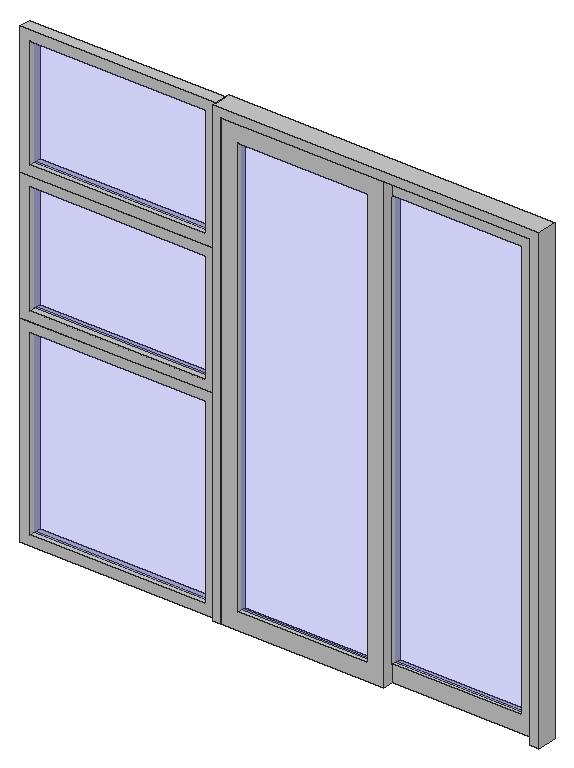
Revit family "Kal_A3-Aluminium-Sliding-Single-sidelight", category Doors, host Wall, Revit 2016
Family settings
  Host = Wall
  Always vertical = Yes
  Cut with Voids When Loaded = No
  Shared = No
  Room Calculation Point = No
Parameters (values of type "900SL 1500DOOR RH")
  dw = 1500 mm
  ww = 900 mm
  URL = ""
  Thickness = 0 mm
  Rough Width = 0 mm
  Rough Height = 0 mm
  Model Type = "Single Sliding"
  Model = ""
  Material Glass = Glass
  Material Door Frame = Default ALUMINIUM FRAME
  Manufacturer Code = ""
  Manufacturer = ""
  Height = 2125 mm
  Wall Closure = By host
  Width = dw + ww  # 2400 mm
  Function = Interior
  Frame Finish = "ALUMINIUM"
  Construction Type = "ALUMINIUM"
Types (9, lengths in mm): name | dw | ww | Width
  (no name) | 1500 | 900 | 2400
  600SL - 1500DOOR RH | 1500 | 600 | 2100
  600SL -1800DOOR RH | 1800 | 600 | 2400
  600SL - 2100DOOR RH | 2100 | 600 | 2700
  600SL - 2400DOOR RH | 2400 | 600 | 3000
  900SL 1500DOOR RH | 1500 | 900 | 2400
  900SL 1800DOOR RH | 1800 | 900 | 2700
  900SL 2100DOOR RH | 2100 | 900 | 3000
  900SL 2400DOOR RH | 2400 | 900 | 3300
Reference planes
  plane 1 "Center Line": y = 0
  plane 2 "Center (Left/Right)": x = 380
  plane 3 "Left": x = -370
  plane 4 "Right": x = 1130
  plane 5: z = 2125
  plane 6 "Exterior": y = 110
  plane 7 "Interior": y = -110
  plane 8: z = 75
  plane 9 "Exterior Panel": y = 46
  plane 10 "Interior Panel": y = -46
  plane 11: x = 342.5
  plane 12: x = 417.5
  plane 13 "left": x = -1270
  plane 14: x = -820
Forms (mm)
  Sweep 1, solid, material "Default ALUMINIUM FRAME"
    path origin (0, 0, 0) x (1, 0, 0) y (0, 0, 1)
      loop
        line (1130, 2125) -> (-370, 2125)
    profile "Frame Sliding door profile upvc : Frame Sliding door profile upvc" origin (380, 0, 2125) x (0, 0, -1) y (0, -1, 0)
      loop
        line (0, -46) -> (40, -46) -> (40, 46) -> (0, 46) -> (0, -46)
  Sweep 2, solid, material "Default ALUMINIUM FRAME"
    path origin (0, 0, 0) x (1, 0, 0) y (0, 0, 1)
      loop
        line (1130, 0) -> (1130, 2125)
    profile "Frame Sliding door profile upvc : Frame Sliding door profile upvc" origin (1130, 0, 1062.5) x (-1, 0, 0) y (0, -1, 0)
      loop
        line (0, -46) -> (40, -46) -> (40, 46) -> (0, 46) -> (0, -46)
  Sweep 3, solid, material "Default ALUMINIUM FRAME"
    path origin (0, 0, 0) x (1, 0, 0) y (0, 0, 1)
      loop
        line (-370, 0) -> (-370, 2125)
    profile "Frame Sliding door profile upvc : Frame Sliding door profile upvc" origin (-370, 0, 1062.5) x (-1, 0, 0) y (0, -1, 0)
      loop
        line (0, -46) -> (0, 46) -> (-40, 46) -> (-40, -46) -> (0, -46)
  Extrusion 4, solid, material "Default ALUMINIUM FRAME"
    sketch origin (0, 46, 0) x (1, 0, 0) y (0, 0, 1)
      loop
        line (1090, 0) -> (1090, 2085) -> (342.5, 2085) -> (342.5, 0) -> (1090, 0)
      loop
        line (1015, 75) -> (1015, 2010) -> (417.5, 2010) -> (417.5, 75) -> (1015, 75)
    from 0 to 44
  Extrusion 5, solid, material "Default ALUMINIUM FRAME"
    sketch origin (0, -46, 0) x (1, 0, 0) y (0, 0, 1)
      loop
        line (417.5, 0) -> (417.5, 2085) -> (-330, 2085) -> (-330, 0) -> (417.5, 0)
      loop
        line (342.5, 75) -> (342.5, 2010) -> (-255, 2010) -> (-255, 75) -> (342.5, 75)
    from 0 to -44
  Extrusion 6, solid, material "Glass" <- "Material Glass"
    sketch origin (0, 46, 0) x (1, 0, 0) y (0, 0, 1)
      loop
        line (1015, 75) -> (1015, 2010) -> (417.5, 2010) -> (417.5, 75) -> (1015, 75)
    from 18 to 28
  Extrusion 7, solid, material "Glass" <- "Material Glass"
    sketch origin (0, -46, 0) x (1, 0, 0) y (0, 0, 1)
      loop
        line (342.5, 75) -> (342.5, 2010) -> (-255, 2010) -> (-255, 75) -> (342.5, 75)
    from -18 to -28
  Sweep 8, solid, material "Default ALUMINIUM FRAME"
    path origin (-1433.5, 0, 0) x (1, 0, 0) y (0, 0, 1)
      loop
        line (1063.5, 1525) -> (1063.5, 2125) -> (163.5, 2125) -> (163.5, 1525) -> (1063.5, 1525)
    profile origin (-820, 0, 0) x (0, 0, -1) y (0, -1, 0)
      loop
        line (-1525, 28) -> (-1569, 28) -> (-1569, -28) -> (-1525, -28) -> (-1525, 28)
  Extrusion 9, solid, material "Glass"
    sketch origin (-1433.5, 0, 0) x (1, 0, 0) y (0, 0, 1)
      loop
        line (1019.5, 1569) -> (1019.5, 2081) -> (207.5, 2081) -> (207.5, 1569) -> (1019.5, 1569)
    from 5 to -5
  Sweep 10, solid, material "Default ALUMINIUM FRAME"
    path origin (-1433.5, 0, 0) x (1, 0, 0) y (0, 0, 1)
      loop
        line (1063.5, 925) -> (1063.5, 1525) -> (163.5, 1525) -> (163.5, 925) -> (1063.5, 925)
    profile origin (-820, 0, 0) x (0, 0, -1) y (0, -1, 0)
      loop
        line (-925, -28) -> (-925, 28) -> (-969, 28) -> (-969, -28) -> (-925, -28)
  Extrusion 11, solid, material "Glass"
    sketch origin (-1433.5, 0, 0) x (1, 0, 0) y (0, 0, 1)
      loop
        line (1019.5, 969) -> (1019.5, 1481) -> (207.5, 1481) -> (207.5, 969) -> (1019.5, 969)
    from 5 to -5
  Sweep 12, solid, material "Default ALUMINIUM FRAME"
    path origin (-1433.5, 0, 0) x (1, 0, 0) y (0, 0, 1)
      loop
        line (1063.5, 0) -> (1063.5, 925) -> (163.5, 925) -> (163.5, 0) -> (1063.5, 0)
    profile origin (-820, 0, 0) x (0, 0, -1) y (0, -1, 0)
      loop
        line (0, -28) -> (0, 28) -> (-44, 28) -> (-44, -28) -> (0, -28)
  Extrusion 13, solid, material "Glass"
    sketch origin (-1433.5, 0, 0) x (1, 0, 0) y (0, 0, 1)
      loop
        line (1019.5, 44) -> (1019.5, 881) -> (207.5, 881) -> (207.5, 44) -> (1019.5, 44)
    from 5 to -5
Cuts and joins
  joined: Sweep 1, Sweep 2, Sweep 3
Lines and regions (mm)
  Opening 1
    outline origin (-5000, -110, 0) x (1, 0, 0) y (0, 0, 1)
      loop
        line (6130, 0) -> (6130, 2125) -> (3730, 2125) -> (3730, 0) -> (6130, 0)
  model lines, style "Elevation Swing"
    curve 1: line (-414, -46, 1481) -> (-820, -46, 969)
    curve 2: line (-820, -46, 969) -> (-1226, -46, 1481)
    curve 3: line (-414, -46, 2081) -> (-820, -46, 1569)
    curve 4: line (-820, -46, 1569) -> (-1226, -46, 2081)
Text (mm)
  text "Exterior" at (-2295.016, 1099.543, 0), in view "Ref. Level"
  text "Exterior" at (0, 1615.38, 3698.081), in view "Left"
  text "Exterior" at (0, 1036.032, 3874.932), in view "Right"
Dimensions and locks
  equal spacing: plane 3 "Left", plane 2 "Center (Left/Right)", plane 4 "Right"
  "Width": plane 13 "left" to plane 4 "Right"
  "Height": plane 5 to host wall
  host wall to plane 5 = 2125 mm
  locked: host wall to plane 6 "Exterior" at 0
  locked: plane 7 "Interior" to host wall
  locked: plane 1 "Center Line" to plane 9 "Exterior Panel" at 46
  locked: plane 10 "Interior Panel" to plane 1 "Center Line" at 46
  locked: plane 11 to plane 2 "Center (Left/Right)" at 37.5
  locked: plane 2 "Center (Left/Right)" to plane 12 at 37.5
  level to plane 8 = 75 mm
  "ww": plane 13 "left" to plane 3 "Left"
  Sweep 8 to plane 3 "Left" = 900 mm
  equal spacing: plane 3 "Left", plane 14, plane 13 "left"
  plane 5 to Sweep 10 to Sweep 12 = 600 mm locked, 600 mm locked
  aligned and locked: plane 1 "Center Line" to host wall
  aligned and locked: plane 8 to Extrusion 4 sketch curve
  aligned and locked: plane 12 to Extrusion 4 sketch curve
  aligned and locked: plane 8 to Extrusion 5 sketch curve
  aligned and locked: Extrusion 7 sketch curve to Extrusion 5  (x3)
  aligned and locked: Extrusion 6 sketch curve to Extrusion 4  (x3)
  aligned and locked: Extrusion 4 sketch curve to cut or joined group of Sweep 1, Sweep 2, Sweep 3
  aligned and locked: cut or joined group of Sweep 1, Sweep 2, Sweep 3 to Extrusion 5 sketch curve
  aligned and locked: Extrusion 9 sketch curve to Sweep 8  (x2)
  aligned and locked: Extrusion 11 sketch curve to Sweep 10  (x3)
  aligned and locked: plane 13 "left" to Sweep 12 sketch curve
  aligned and locked: Sweep 12 to Extrusion 13 sketch curve
  aligned and locked: plane 13 "left" to Sweep 8 sketch curve
  aligned and locked: plane 13 "left" to Sweep 10 sketch curve
  aligned and locked: level to Sweep 12 sketch curve
  aligned and locked: Extrusion 13 sketch curve to Sweep 12  (x2)
  aligned and locked: Opening 1 sketch curve to Sweep 8
  aligned and locked: curve 1 to Sweep 10  (x2)
  aligned and locked: curve 3 to Sweep 8  (x2)
  aligned and locked: Sweep 8 to curve 4
  aligned and locked: Sweep 10 to curve 2
  aligned and locked: Sweep 10 sketch curve to Sweep 8
  aligned and locked: Sweep 12 sketch curve to Sweep 10
Automatic sketch dimensions
  Sweep 2 sketch curve to plane 4 "Right" = 0 mm
  Sweep 2 sketch curve to level = 0 mm
  Sweep 2 sketch curve to plane 5 = 0 mm
  Sweep 3 sketch curve to plane 3 "Left" = 0 mm
  Sweep 3 sketch curve to level = 0 mm
  Sweep 3 sketch curve to plane 5 = 0 mm
  Extrusion 4 sketch curve to level = 0 mm
  Extrusion 4 sketch curve to plane 11 = 0 mm
  Extrusion 5 sketch curve to level = 0 mm
  Extrusion 5 sketch curve to plane 11 = 0 mm
  Extrusion 5 sketch curve to plane 12 = 0 mm
  Extrusion 6 sketch curve to plane 12 = 0 mm
  Extrusion 7 sketch curve to plane 11 = 0 mm
  plane 5 to Extrusion 4 sketch curve = 115 mm
  plane 5 to Extrusion 5 sketch curve = 115 mm
  plane 4 "Right" to Extrusion 4 sketch curve = 115 mm
  plane 4 "Right" to Extrusion 4 sketch curve = 40 mm
  Extrusion 5 sketch curve to plane 3 "Left" = 115 mm
  Extrusion 5 sketch curve to plane 3 "Left" = 40 mm
  Sweep 1 sketch curve to plane 3 "Left" = 0 mm
  Sweep 1 sketch curve to plane 4 "Right" = 0 mm
  Sweep 1 sketch curve to plane 5 = 0 mm
  Sweep 8 sketch curve to plane 5 = 0 mm
  Sweep 8 sketch curve to plane 3 "Left" = 0 mm
  Sweep 8 sketch curve to profile plane = 0 mm
  profile plane to Sweep 8 sketch curve = 44 mm
  Sweep 8 sketch curve to profile plane = 28 mm
  profile plane to Sweep 8 sketch curve = 28 mm
  plane 5 to Extrusion 9 sketch curve = 44 mm
  plane 3 "Left" to Extrusion 9 sketch curve = 44 mm
  Sweep 10 sketch curve to plane 3 "Left" = 0 mm
  Sweep 10 sketch curve to profile plane = 0 mm
  profile plane to Sweep 10 sketch curve = 44 mm
  Sweep 10 sketch curve to profile plane = 28 mm
  profile plane to Sweep 10 sketch curve = 28 mm
  plane 3 "Left" to Extrusion 11 sketch curve = 44 mm
  Sweep 12 sketch curve to plane 3 "Left" = 0 mm
  Sweep 12 sketch curve to profile plane = 0 mm
  profile plane to Sweep 12 sketch curve = 44 mm
  Sweep 12 sketch curve to profile plane = 28 mm
  profile plane to Sweep 12 sketch curve = 28 mm
  plane 3 "Left" to Extrusion 13 sketch curve = 44 mm
  Opening 1 sketch curve to level = 0 mm
  Opening 1 sketch curve to plane 4 "Right" = 0 mm
  Opening 1 sketch curve to plane 5 = 0 mm
  curve 2 to plane 14 = 0 mm
  curve 4 to plane 14 = 0 mm
  plane 5 to curve 3 = 44 mm
  plane 5 to curve 4 = 44 mm
  curve 3 to curve 2 = 88 mm
  curve 3 to curve 1 = 88 mm
  plane 5 to Sweep 8 sketch curve = 600 mm
  Sweep 10 sketch curve to Sweep 10 sketch curve = 600 mm
Nested families
  nested 1: "arrow" at (128, 0, 1160) x (1, 0, 0) z (0, 1, 0), type "arrow"
  nested 2: "arrow" at (-124.5, 160, 0), type "arrow"
Definition of nested family "arrow"
  Reference planes
    plane 1 "Center (Front/Back)": y = 0
    plane 2: z = 0
    plane 3 "Center (Left/Right)": x = 0
  Lines and regions (mm)
    detail lines, in view "Ref. Level"
      curve 1: line (-100, 0, 0) -> (100, 0, 0)
      curve 2: line (100, 0, 0) -> (57.574, -42.426, 0)
      curve 3: line (100, 0, 0) -> (57.574, 42.426, 0)
